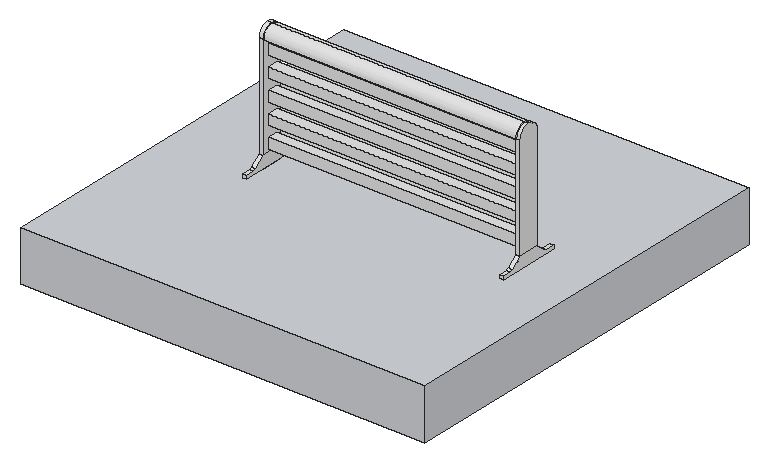
Revit family "Sunshade-Linear-Kawneer-Curtain_Wall-Rounded", category Specialty Equipment, host Face, Revit 2015
Parameters (values of type "30"-Circular")
  Width [instance] = 5' - 0"
  URL = "http://www.kawneer.com/kawneer/north_america/en/home.asp"
  Type Comments = ""
  Show Right Outrigger [instance] = yes
  Show Left Outrigger [instance] = yes
  Product data url = "https://bimobject.com/kawneerna/product/04305"
  Product Page URL = "http://www.kawneer.com/kawneer/north_america/en/product.asp?cat_id=1463&prod_id=4305"
  Product Documentation Link = "http://www.kawneer.com/kawneer/north_america/catalog/pdf/Sun_Control/Versoleil_OutriggerCW_Flyer.pdf"
  Model = "Sunshade Linear"  # constant formula
  Manufacturer = "Kawneer "  # constant formula
  Length = 2' - 6"
  Has Same Mullion Distance [instance] = yes
  Finish = Aluminum - Kawneer - Clear
  Description = "Rounded Outrigger, Bullnose Fascias"
  Default Elevation = 4' - 0"
  Copyright © = "©2012 Kawneer  "  # constant formula
  Mullion Distance [instance] = 4' - 0"
  CTRl Outrigger Count [instance] = if(Outrigger 21 Distance > 0' 0", 23, if(Outrigger 20 Distance > 0' 0", 22, if(Outrigger 19 Distance > 0' 0", 21, if(Outrigger 18 Distance > 0' 0", 20, if(Outrigger 17 Distance > 0' 0", 19, if(Outrigger 16 Distance > 0' 0", 18, if(Outrigger 15 Distance > 0' 0", 17, if(Outrigger 14 Distance > 0' 0", 16, if(Outrigger 13 Distance > 0' 0", 15, if(Outrigger 12 Distance > 0' 0", 14, if(Outrigger 11 Distance > 0' 0", 13, if(Outrigger 10 Distance > 0' 0", 12, if(Outrigger 09 Distance > 0' 0", 11, if(Outrigger 08 Distance > 0' 0", 10, if(Outrigger 07 Distance > 0' 0", 9, if(Outrigger 06 Distance > 0' 0", 8, if(Outrigger 05 Distance > 0' 0", 7, if(Outrigger 04 Distance > 0' 0", 6, if(Outrigger 03 Distance > 0' 0", 5, if(Outrigger 02 Distance > 0' 0", 4, if(Outrigger 01 Distance > 0' 0", 3, (Width / Mullion Distance) + 1)))))))))))))))))))))  # 3
  CTRL Outrigger 21 Distance [instance] = if(Outrigger Count < 23, 0' 0", if(Has Same Mullion Distance, Mullion Distance, if(Outrigger 21 Distance > 5' 0", 5' 0", Outrigger 21 Distance)))  # 0' - 0"
  CTRL Outrigger 20 Distance [instance] = if(Outrigger Count < 22, 0' 0", if(Has Same Mullion Distance, Mullion Distance, if(Outrigger 20 Distance > 5' 0", 5' 0", Outrigger 20 Distance)))  # 0' - 0"
  CTRL Outrigger 19 Distance [instance] = if(Outrigger Count < 21, 0' 0", if(Has Same Mullion Distance, Mullion Distance, if(Outrigger 19 Distance > 5' 0", 5' 0", Outrigger 19 Distance)))  # 0' - 0"
  CTRL Outrigger 18 Distance [instance] = if(Outrigger Count < 20, 0' 0", if(Has Same Mullion Distance, Mullion Distance, if(Outrigger 18 Distance > 5' 0", 5' 0", Outrigger 18 Distance)))  # 0' - 0"
  CTRL Outrigger 17 Distance [instance] = if(Outrigger Count < 19, 0' 0", if(Has Same Mullion Distance, Mullion Distance, if(Outrigger 17 Distance > 5' 0", 5' 0", Outrigger 17 Distance)))  # 0' - 0"
  CTRL Outrigger 16 Distance [instance] = if(Outrigger Count < 18, 0' 0", if(Has Same Mullion Distance, Mullion Distance, if(Outrigger 16 Distance > 5' 0", 5' 0", Outrigger 16 Distance)))  # 0' - 0"
  CTRL Outrigger 15 Distance [instance] = if(Outrigger Count < 17, 0' 0", if(Has Same Mullion Distance, Mullion Distance, if(Outrigger 15 Distance > 5' 0", 5' 0", Outrigger 15 Distance)))  # 0' - 0"
  CTRL Outrigger 14 Distance [instance] = if(Outrigger Count < 16, 0' 0", if(Has Same Mullion Distance, Mullion Distance, if(Outrigger 14 Distance > 5' 0", 5' 0", Outrigger 14 Distance)))  # 0' - 0"
  CTRL Outrigger 13 Distance [instance] = if(Outrigger Count < 15, 0' 0", if(Has Same Mullion Distance, Mullion Distance, if(Outrigger 13 Distance > 5' 0", 5' 0", Outrigger 13 Distance)))  # 0' - 0"
  CTRL Outrigger 12 Distance [instance] = if(Outrigger Count < 14, 0' 0", if(Has Same Mullion Distance, Mullion Distance, if(Outrigger 12 Distance > 5' 0", 5' 0", Outrigger 12 Distance)))  # 0' - 0"
  CTRL Outrigger 11 Distance [instance] = if(Outrigger Count < 13, 0' 0", if(Has Same Mullion Distance, Mullion Distance, if(Outrigger 11 Distance > 5' 0", 5' 0", Outrigger 11 Distance)))  # 0' - 0"
  CTRL Outrigger 10 Distance [instance] = if(Outrigger Count < 12, 0' 0", if(Has Same Mullion Distance, Mullion Distance, if(Outrigger 10 Distance > 5' 0", 5' 0", Outrigger 10 Distance)))  # 0' - 0"
  CTRL Outrigger 09 Distance [instance] = if(Outrigger Count < 11, 0' 0", if(Has Same Mullion Distance, Mullion Distance, if(Outrigger 09 Distance > 5' 0", 5' 0", Outrigger 09 Distance)))  # 0' - 0"
  CTRL Outrigger 08 Distance [instance] = if(Outrigger Count < 10, 0' 0", if(Has Same Mullion Distance, Mullion Distance, if(Outrigger 08 Distance > 5' 0", 5' 0", Outrigger 08 Distance)))  # 0' - 0"
  CTRL Outrigger 07 Distance [instance] = if(Outrigger Count < 9, 0' 0", if(Has Same Mullion Distance, Mullion Distance, if(Outrigger 07 Distance > 5' 0", 5' 0", Outrigger 07 Distance)))  # 0' - 0"
  CTRL Outrigger 06 Distance [instance] = if(Outrigger Count < 8, 0' 0", if(Has Same Mullion Distance, Mullion Distance, if(Outrigger 06 Distance > 5' 0", 5' 0", Outrigger 06 Distance)))  # 0' - 0"
  CTRL Outrigger 05 Distance [instance] = if(Outrigger Count < 7, 0' 0", if(Has Same Mullion Distance, Mullion Distance, if(Outrigger 05 Distance > 5' 0", 5' 0", Outrigger 05 Distance)))  # 0' - 0"
  CTRL Outrigger 04 Distance [instance] = if(Outrigger Count < 6, 0' 0", if(Has Same Mullion Distance, Mullion Distance, if(Outrigger 04 Distance > 5' 0", 5' 0", Outrigger 04 Distance)))  # 0' - 0"
  CTRL Outrigger 03 Distance [instance] = if(Outrigger Count < 5, 0' 0", if(Has Same Mullion Distance, Mullion Distance, if(Outrigger 03 Distance > 5' 0", 5' 0", Outrigger 03 Distance)))  # 0' - 0"
  CTRL Outrigger 02 Distance [instance] = if(Outrigger Count < 4, 0' 0", if(Has Same Mullion Distance, Mullion Distance, if(Outrigger 02 Distance > 5' 0", 5' 0", Outrigger 02 Distance)))  # 0' - 0"
  CTRL Outrigger 01 Distance [instance] = if(Outrigger Count < 3, 0' 0", if(Has Same Mullion Distance, Mullion Distance, if(Outrigger 01 Distance > 5' 0", 5' 0", Outrigger 01 Distance)))  # 0' - 0"
  CTRL Length = if(Length < 2' 6", 2' 6", if(Length = 2' 6", 2' 6", if(Length < 3' 0", 3' 0", if(Length = 3' 0", 3' 0", 2' 6"))))  # 2' - 6"
  Blades Distance = 0' - 5"
  CTRL Middle Blade Visibility [instance] = if(Outrigger Count = 2, 1 = 0, 1 = 1)  # no
  Outrigger Count [instance] = if(Has Same Mullion Distance, (Width / Mullion Distance) + 1, CTRl Outrigger Count)  # 2
  Outrigger 21 Distance [instance] = 0' - 0"
  Outrigger 20 Distance [instance] = 0' - 0"
  Outrigger 19 Distance [instance] = 0' - 0"
  Outrigger 18 Distance [instance] = 0' - 0"
  Outrigger 17 Distance [instance] = 0' - 0"
  Outrigger 16 Distance [instance] = 0' - 0"
  Outrigger 15 Distance [instance] = 0' - 0"
  Outrigger 14 Distance [instance] = 0' - 0"
  Outrigger 13 Distance [instance] = 0' - 0"
  Outrigger 12 Distance [instance] = 0' - 0"
  Outrigger 11 Distance [instance] = 0' - 0"
  Outrigger 10 Distance [instance] = 0' - 0"
  Outrigger 09 Distance [instance] = 0' - 0"
  Outrigger 08 Distance [instance] = 0' - 0"
  Outrigger 07 Distance [instance] = 0' - 0"
  Outrigger 06 Distance [instance] = 0' - 0"
  Outrigger 05 Distance [instance] = 0' - 0"
  Outrigger 04 Distance [instance] = 0' - 0"
  Outrigger 03 Distance [instance] = 0' - 0"
  Outrigger 02 Distance [instance] = 0' - 0"
  Outrigger 01 Distance [instance] = 1' - 6"
  Blade Width [instance] = if(1 = 1, Width, 1' 0")  # 5' - 0"
  Blade Type = Blade-Kawneer-Square : Versoleil
  Blade Count = 5
Reference planes (in)
  plane 1 "Center (Front/Back)": y = 0
  plane 2: z = -0.78125
  plane 3 "Center (Left/Right)": x = 3.30772
  plane 4 "Bracket Bottom": z = -0.78125
  plane 5 "Arm_Center-(T/B)": z = 1.29456
  plane 6 "Left": x = -26.69228
  plane 7 "Right": x = 33.30772
  plane 8 "Bracket_Center-(L/R)-Left": x = -27.16103
  plane 9 "Bracket_Center-(L/R)-Right": x = 33.77647
  plane 10 "Bracket Set 1": x = -27.16103
  plane 11 "Bracket Set 20": x = -27.16103
  plane 12 "Bracket Set 2": x = -27.16103
  plane 13 "Bracket Set 3": x = -27.16103
  plane 14 "Bracket Set 4": x = -27.16103
  plane 15 "Bracket Set 5": x = -27.16103
  plane 16 "Bracket Set 6": x = -27.16103
  plane 17 "Bracket Set 7": x = -27.16103
  plane 18 "Bracket Set 8": x = -27.16103
  plane 19 "Bracket Set 9": x = -27.16103
  plane 20 "Bracket Set 10": x = -27.16103
  plane 21 "Bracket Set 11": x = -27.16103
  plane 22 "Bracket Set 12": x = -27.16103
  plane 23 "Bracket Set 13": x = -27.16103
  plane 24 "Bracket Set 14": x = -27.16103
  plane 25 "Bracket Set 15": x = -27.16103
  plane 26 "Bracket Set 16": x = -27.16103
  plane 27 "Bracket Set 17": x = -27.16103
  plane 28 "Bracket Set 18": x = -27.16103
  plane 29 "Bracket Set 19": x = -27.16103
  plane 30 "Bracket Set 21": x = -27.16103
  plane 31 "Left of Right Outrigger": x = 33.30772
  plane 32 "Right of Right Outrigger": x = 34.24522
  plane 33 "Left of Left Outrigger": x = -27.62978
  plane 34 "Right of Left Outrigger": x = -26.69228
  plane 35 "Blade 1": z = 4.21875
  plane 36 "Blade 2": z = 9.21875
  plane 37 "Top": z = 29.21875
  plane 38 "Back of Fascia": z = 26.72172
Forms (in)
  Extrusion 1, solid
    sketch origin (0, 0, -0.78125) x (1, 0, 0) y (0, 1, 0)
      loop
        line (-48, 48) -> (-48, -48) -> (48, -48) -> (48, 48) -> (-48, 48)
    from 0 to -12
Dimensions and locks (in)
  locked: plane 5 "Arm_Center-(T/B)" to plane 4 "Bracket Bottom" at 2.07581
  locked: plane 4 "Bracket Bottom" to plane 2 at 0
  "CTRL Outrigger 01 Distance": plane 8 "Bracket_Center-(L/R)-Left" to plane 10 "Bracket Set 1"
  "CTRL Outrigger 02 Distance": plane 10 "Bracket Set 1" to plane 12 "Bracket Set 2"
  "CTRL Outrigger 03 Distance": plane 12 "Bracket Set 2" to plane 13 "Bracket Set 3"
  "CTRL Outrigger 04 Distance": plane 13 "Bracket Set 3" to plane 14 "Bracket Set 4"
  "CTRL Outrigger 05 Distance": plane 14 "Bracket Set 4" to plane 15 "Bracket Set 5"
  "CTRL Outrigger 06 Distance": plane 15 "Bracket Set 5" to plane 16 "Bracket Set 6"
  "CTRL Outrigger 07 Distance": plane 16 "Bracket Set 6" to plane 17 "Bracket Set 7"
  "CTRL Outrigger 08 Distance": plane 17 "Bracket Set 7" to plane 18 "Bracket Set 8"
  "CTRL Outrigger 09 Distance": plane 18 "Bracket Set 8" to plane 19 "Bracket Set 9"
  "CTRL Outrigger 10 Distance": plane 19 "Bracket Set 9" to plane 20 "Bracket Set 10"
  "CTRL Outrigger 11 Distance": plane 20 "Bracket Set 10" to plane 21 "Bracket Set 11"
  "CTRL Outrigger 12 Distance": plane 21 "Bracket Set 11" to plane 22 "Bracket Set 12"
  "CTRL Outrigger 13 Distance": plane 22 "Bracket Set 12" to plane 23 "Bracket Set 13"
  "CTRL Outrigger 14 Distance": plane 23 "Bracket Set 13" to plane 24 "Bracket Set 14"
  "CTRL Outrigger 15 Distance": plane 24 "Bracket Set 14" to plane 25 "Bracket Set 15"
  "CTRL Outrigger 16 Distance": plane 25 "Bracket Set 15" to plane 26 "Bracket Set 16"
  "CTRL Outrigger 17 Distance": plane 26 "Bracket Set 16" to plane 27 "Bracket Set 17"
  "CTRL Outrigger 18 Distance": plane 27 "Bracket Set 17" to plane 28 "Bracket Set 18"
  "CTRL Outrigger 19 Distance": plane 28 "Bracket Set 18" to plane 29 "Bracket Set 19"
  "CTRL Outrigger 20 Distance": plane 29 "Bracket Set 19" to plane 11 "Bracket Set 20"
  "CTRL Outrigger 21 Distance": plane 11 "Bracket Set 20" to plane 30 "Bracket Set 21"
  locked: plane 32 "Right of Right Outrigger" to plane 31 "Left of Right Outrigger" at 0.9375
  locked: plane 33 "Left of Left Outrigger" to plane 34 "Right of Left Outrigger" at 0.9375
  equal spacing: plane 6 "Left", plane 3 "Center (Left/Right)", plane 7 "Right"
  "Width": plane 6 "Left" to plane 7 "Right"
  locked: plane 7 "Right" to plane 9 "Bracket_Center-(L/R)-Right" at 0.46875
  locked: plane 8 "Bracket_Center-(L/R)-Left" to plane 6 "Left" at 0.46875
  "Blades Distance": plane 35 "Blade 1" to plane 4 "Bracket Bottom"
  "Blades Distance": plane 36 "Blade 2" to plane 35 "Blade 1"
  equal spacing: group 1, group 2, group 3, group 4, group 5  (x3)
  "Length": plane 37 "Top" to plane 4 "Bracket Bottom"
  locked: plane 37 "Top" to plane 38 "Back of Fascia" at 2.49703
  aligned and locked: plane 2 to Extrusion 1
  aligned and locked: level to Extrusion 1
  aligned and locked: plane 4 "Bracket Bottom" to nested 1
  aligned and locked: plane 1 "Center (Front/Back)" to nested 1
  aligned and locked: nested 1 to plane 8 "Bracket_Center-(L/R)-Left"
  aligned and locked: plane 9 "Bracket_Center-(L/R)-Right" to nested 2
  aligned and locked: plane 1 "Center (Front/Back)" to nested 2
  aligned and locked: plane 4 "Bracket Bottom" to nested 2
  aligned and locked: nested 3 to plane 10 "Bracket Set 1"
  aligned and locked: nested 4 to plane 12 "Bracket Set 2"
  aligned and locked: nested 5 to plane 13 "Bracket Set 3"
  aligned and locked: nested 6 to plane 14 "Bracket Set 4"
  aligned and locked: nested 7 to plane 15 "Bracket Set 5"
  aligned and locked: nested 8 to plane 16 "Bracket Set 6"
  aligned and locked: nested 9 to plane 17 "Bracket Set 7"
  aligned and locked: nested 10 to plane 18 "Bracket Set 8"
  aligned and locked: nested 11 to plane 19 "Bracket Set 9"
  aligned and locked: nested 12 to plane 20 "Bracket Set 10"
  aligned and locked: nested 13 to plane 21 "Bracket Set 11"
  aligned and locked: nested 14 to plane 22 "Bracket Set 12"
  aligned and locked: nested 15 to plane 23 "Bracket Set 13"
  aligned and locked: nested 16 to plane 24 "Bracket Set 14"
  aligned and locked: nested 17 to plane 25 "Bracket Set 15"
  aligned and locked: nested 18 to plane 26 "Bracket Set 16"
  aligned and locked: nested 19 to plane 27 "Bracket Set 17"
  aligned and locked: nested 20 to plane 28 "Bracket Set 18"
  aligned and locked: nested 21 to plane 29 "Bracket Set 19"
  aligned and locked: nested 22 to plane 11 "Bracket Set 20"
  aligned and locked: plane 4 "Bracket Bottom" to nested 3
  aligned and locked: plane 4 "Bracket Bottom" to nested 4
  aligned and locked: plane 4 "Bracket Bottom" to nested 5
  aligned and locked: plane 4 "Bracket Bottom" to nested 6
  aligned and locked: plane 4 "Bracket Bottom" to nested 7
  aligned and locked: plane 4 "Bracket Bottom" to nested 8
  aligned and locked: plane 4 "Bracket Bottom" to nested 9
  aligned and locked: plane 4 "Bracket Bottom" to nested 10
  aligned and locked: plane 4 "Bracket Bottom" to nested 11
  aligned and locked: plane 4 "Bracket Bottom" to nested 12
  aligned and locked: plane 4 "Bracket Bottom" to nested 13
  aligned and locked: plane 4 "Bracket Bottom" to nested 14
  aligned and locked: plane 4 "Bracket Bottom" to nested 15
  aligned and locked: plane 4 "Bracket Bottom" to nested 16
  aligned and locked: plane 4 "Bracket Bottom" to nested 17
  aligned and locked: plane 4 "Bracket Bottom" to nested 18
  aligned and locked: plane 4 "Bracket Bottom" to nested 19
  aligned and locked: plane 4 "Bracket Bottom" to nested 20
  aligned and locked: plane 4 "Bracket Bottom" to nested 21
  aligned and locked: plane 4 "Bracket Bottom" to nested 22
  aligned and locked: nested 23 to plane 30 "Bracket Set 21"
  aligned and locked: plane 1 "Center (Front/Back)" to nested 23
  aligned and locked: plane 1 "Center (Front/Back)" to nested 22
  aligned and locked: plane 1 "Center (Front/Back)" to nested 21
  aligned and locked: plane 1 "Center (Front/Back)" to nested 20
  aligned and locked: plane 1 "Center (Front/Back)" to nested 19
  aligned and locked: plane 1 "Center (Front/Back)" to nested 18
  aligned and locked: plane 1 "Center (Front/Back)" to nested 17
  aligned and locked: plane 1 "Center (Front/Back)" to nested 16
  aligned and locked: plane 1 "Center (Front/Back)" to nested 15
  aligned and locked: plane 1 "Center (Front/Back)" to nested 14
  aligned and locked: plane 7 "Right" to plane 31 "Left of Right Outrigger"
  aligned and locked: plane 34 "Right of Left Outrigger" to nested 1
  aligned and locked: plane 6 "Left" to plane 34 "Right of Left Outrigger"
  aligned and locked: plane 35 "Blade 1" to nested 24
  aligned and locked: plane 1 "Center (Front/Back)" to nested 24
  aligned and locked: plane 1 "Center (Front/Back)" to nested 13
  aligned and locked: plane 6 "Left" to nested 25
  aligned and locked: plane 1 "Center (Front/Back)" to nested 25
  aligned and locked: plane 36 "Blade 2" to nested 26
  aligned and locked: plane 37 "Top" to nested 2
  aligned and locked: plane 38 "Back of Fascia" to nested 25
  aligned and locked: plane 6 "Left" to nested 26
  aligned and locked: plane 34 "Right of Left Outrigger" to nested 24
  aligned and locked: nested 25 to plane 31 "Left of Right Outrigger"
Automatic sketch dimensions
  Extrusion 1 sketch curve to Extrusion 1 sketch curve = 8' - 0"  (x2)
Nested families (in)
  nested 1: "Outrigger-Kawneer-Rounded" at (-27.16103, 0, -0.78125), visible <- "Show Left Outrigger", type "5""
  nested 2: "Outrigger-Kawneer-Rounded" at (33.77647, 0, -0.78125), visible <- "Show Right Outrigger", type "5""
  nested 3: "Outrigger-Kawneer-Rounded" at (-27.16103, 0, -0.78125), visible <- "CTRL Middle Blade Visibility", type "5""
  nested 4: "Outrigger-Kawneer-Rounded" at (-27.16103, 0, -0.78125), visible <- "CTRL Middle Blade Visibility", type "5""
  nested 5: "Outrigger-Kawneer-Rounded" at (-27.16103, 0, -0.78125), visible <- "CTRL Middle Blade Visibility", type "5""
  nested 6: "Outrigger-Kawneer-Rounded" at (-27.16103, 0, -0.78125), visible <- "CTRL Middle Blade Visibility", type "5""
  nested 7: "Outrigger-Kawneer-Rounded" at (-27.16103, 0, -0.78125), visible <- "CTRL Middle Blade Visibility", type "5""
  nested 8: "Outrigger-Kawneer-Rounded" at (-27.16103, 0, -0.78125), visible <- "CTRL Middle Blade Visibility", type "5""
  nested 9: "Outrigger-Kawneer-Rounded" at (-27.16103, 0, -0.78125), visible <- "CTRL Middle Blade Visibility", type "5""
  nested 10: "Outrigger-Kawneer-Rounded" at (-27.16103, 0, -0.78125), visible <- "CTRL Middle Blade Visibility", type "5""
  nested 11: "Outrigger-Kawneer-Rounded" at (-27.16103, 0, -0.78125), visible <- "CTRL Middle Blade Visibility", type "5""
  nested 12: "Outrigger-Kawneer-Rounded" at (-27.16103, 0, -0.78125), visible <- "CTRL Middle Blade Visibility", type "5""
  nested 13: "Outrigger-Kawneer-Rounded" at (-27.16103, 0, -0.78125), visible <- "CTRL Middle Blade Visibility", type "5""
  nested 14: "Outrigger-Kawneer-Rounded" at (-27.16103, 0, -0.78125), visible <- "CTRL Middle Blade Visibility", type "5""
  nested 15: "Outrigger-Kawneer-Rounded" at (-27.16103, 0, -0.78125), visible <- "CTRL Middle Blade Visibility", type "5""
  nested 16: "Outrigger-Kawneer-Rounded" at (-27.16103, 0, -0.78125), visible <- "CTRL Middle Blade Visibility", type "5""
  nested 17: "Outrigger-Kawneer-Rounded" at (-27.16103, 0, -0.78125), visible <- "CTRL Middle Blade Visibility", type "5""
  nested 18: "Outrigger-Kawneer-Rounded" at (-27.16103, 0, -0.78125), visible <- "CTRL Middle Blade Visibility", type "5""
  nested 19: "Outrigger-Kawneer-Rounded" at (-27.16103, 0, -0.78125), visible <- "CTRL Middle Blade Visibility", type "5""
  nested 20: "Outrigger-Kawneer-Rounded" at (-27.16103, 0, -0.78125), visible <- "CTRL Middle Blade Visibility", type "5""
  nested 21: "Outrigger-Kawneer-Rounded" at (-27.16103, 0, -0.78125), visible <- "CTRL Middle Blade Visibility", type "5""
  nested 22: "Outrigger-Kawneer-Rounded" at (-27.16103, 0, -0.78125), visible <- "CTRL Middle Blade Visibility", type "5""
  nested 23: "Outrigger-Kawneer-Rounded" at (-27.16103, 0, -0.78125), visible <- "CTRL Middle Blade Visibility", type "5""
  nested 24: "Blade-Kawneer-Square" at (3.30772, 0, 2.96875), type <- "Blade Type", CTRL Width <- "Width", Blade Materials <- "Finish", type "Versoleil"
    with CTRL Width 5' - 0", Blade Materials Aluminum - Kawneer - Clear
  nested 25: "Fascia-Kawneer-Bullnose" at (3.30772, 0, 26.72172), Fascias Materials <- "Finish", CTRL Width <- "Width", type "Versoleil"
    with Fascias Materials Aluminum - Kawneer - Clear, CTRL Width 5' - 0"
  nested 26: "Blade-Kawneer-Square" at (3.30772, 0, 7.96875), type <- "Blade Type", CTRL Width <- "Width", Blade Materials <- "Finish", type "Versoleil"
    with CTRL Width 5' - 0", Blade Materials Aluminum - Kawneer - Clear
  nested 27: "Blade-Kawneer-Square" at (3.30772, 0, 12.96875), type <- "Blade Type", CTRL Width <- "Width", Blade Materials <- "Finish", type "Versoleil"
    with CTRL Width 5' - 0", Blade Materials Aluminum - Kawneer - Clear
  nested 28: "Blade-Kawneer-Square" at (3.30772, 0, 17.96875), type <- "Blade Type", CTRL Width <- "Width", Blade Materials <- "Finish", type "Versoleil"
    with CTRL Width 5' - 0", Blade Materials Aluminum - Kawneer - Clear
  nested 29: "Blade-Kawneer-Square" at (3.30772, 0, 22.96875), type <- "Blade Type", CTRL Width <- "Width", Blade Materials <- "Finish", type "Versoleil"
    with CTRL Width 5' - 0", Blade Materials Aluminum - Kawneer - Clear
Definition of nested family "Outrigger-Kawneer-Rounded"
  Parameters
    Length = 2' - 6"
    CTRL Width = 0' - 0 15/16"
    Outrigger Materials = none
  Reference planes (in)
    plane 1 "Center (Front/Back)": y = 0
    plane 2 "Original Bottom": z = 0
    plane 3 "Center (Left/Right)": x = 0
    plane 4 "Left": x = -0.46875
    plane 5 "Right": x = 0.46875
    plane 6 "Front": y = -2.5
    plane 7 "Back": y = 2.5
    plane 8 "Top": z = 30
    plane 9 "Bottom": z = 0
    plane 10 "Top of Braket": z = 2.9
    plane 11 "Right of Braket": y = 7.53105
    plane 12 "Left of Bracket": y = -7.53105
    plane 13 "Right of Left Bracket": x = -0.21875
    plane 14 "Left of Right Bracket": x = 0.21875
  Forms (in)
    Sweep 1, solid, material <- "Outrigger Materials"
      path origin (10, 0, -1.86973) x (1, 0, 0) y (0, 0, 1)
        loop
          line (-9.53125, 8.91333) -> (-10.46875, 8.91333)
      profile origin (0, 0, 7.0436) x (0, 0, -1) y (0, -1, 0)
        loop
          line (7.0436, 2.5) -> (-20.44495, 2.5)
          arc (-20.44495, 2.5) -> (-22.22011, 1.77184) -> (-22.9564, 0.00003) r 2.5
          arc (-22.9564, 0.00003) -> (-22.22417, -1.76774) -> (-20.4564, -2.49997) r 2.5
          line (-20.4564, -2.49997) -> (7.0436, -2.5) -> (7.0436, 2.5)
    Sweep 2, solid, material <- "Outrigger Materials", detail levels fine
      path origin (0, 0, -1.03601) x (1, 0, 0) y (0, 0, 1)
        loop
          line (0.46875, 30.5) -> (-0.46875, 30.5)
      profile origin (0, 0, 29.46399) x (0, 0, -1) y (0, -1, 0)
        loop
          line (26.56399, 2.43915) -> (26.56399, -2.50126) -> (28.48003, -4.78471)
          arc (28.48003, -4.78471) -> (28.65368, -5.08548) -> (28.71399, -5.4275) r 1
          line (28.71399, -5.4275) -> (28.71399, -7.53105) -> (29.46399, -7.53105) -> (29.46399, 7.46895) -> (28.71399, 7.46895) -> (28.71399, 5.3654)
          arc (28.71399, 5.3654) -> (28.65368, 5.02338) -> (28.48003, 4.72261) r 1
          line (28.48003, 4.72261) -> (26.56399, 2.43915)
  Lines and regions (in)
    Masking region 1
      outline origin (0, 0, 0) x (0, 1, 0) y (0, 0, 1)
        loop
          line (-2.5, 27.48833) -> (-2.5, 0) -> (2.49997, 0) -> (2.49997, 27.5)
          arc (2.49997, 27.5) -> (1.76774, 29.26777) -> (-0.00003, 30) r 2.5
          arc (-0.00003, 30) -> (-1.77191, 29.26364) -> (-2.5, 27.48833) r 2.5
    Masking region 2
      outline origin (0, 0, 0) x (1, 0, 0) y (0, 0, 1)
        loop
          line (0.46875, 30) -> (-0.46875, 30) -> (-0.46875, 0) -> (0.46875, 0) -> (0.46875, 30)
    Masking region 3
      outline origin (0, 0, 0) x (1, 0, 0) y (0, 0, 1)
        loop
          line (0.46875, 30) -> (-0.46875, 30) -> (-0.46875, 0) -> (0.46875, 0) -> (0.46875, 30)
    symbolic lines
      curve 1: line (0, 2.49997, 0) -> (0, 2.49997, 27.5)
      curve 2: arc (0, 2.49997, 27.5) -> (0, 1.76774, 29.26777) -> (0, -0.00003, 30) r 2.5
      curve 3: arc (0, -0.00003, 30) -> (0, -1.76779, 29.26777) -> (0, -2.50003, 27.5) r 2.5
      curve 4: line (0, -2.5, 27.49292) -> (0, -2.5, 27.42301)
      curve 5: line (0, -2.50003, 0) -> (0, 2.49997, 0)
      curve 10: line (0.46875, -7.46895, 0) -> (0.46875, 7.53105, 0)
      curve 20: line (0.46875, -7.46895, 0) -> (0.46875, 7.53105, 0)
      curve 32: line (-0.46875, -7.46895, 0) -> (-0.46875, 7.53105, 0)
      curve 36: line (-0.46875, 2.49997, 0) -> (-0.46875, 2.49997, 27.5)
      curve 37: arc (-0.46875, 2.49997, 27.5) -> (-0.46875, 1.76774, 29.26777) -> (-0.46875, -0.00003, 30) r 2.5
      curve 38: arc (-0.46875, -0.00003, 30) -> (-0.46875, -1.77191, 29.26364) -> (-0.46875, -2.5, 27.48833) r 2.5
      curve 39: line (-0.46875, -2.5, 27.48833) -> (-0.46875, -2.5, 0)
      curve 40: line (-0.46875, -2.5, 0) -> (-0.46875, 2.49997, 0)
      curve 49: line (0, -2.50003, 27.5) -> (0, -2.50003, 0)
      curve 51: line (0.46875, 0, 30) -> (-0.46875, 0, 30)
      curve 52: line (0.46875, 0, 0) -> (0.46875, 0, 30)
      curve 53: line (-0.46875, 0, 0) -> (0.46875, 0, 0)
      curve 54: line (-0.46875, 0, 30) -> (-0.46875, 0, 0)
      curve 60: line (-0.46875, 0, 0) -> (0.46875, 0, 0)
    symbolic lines, detail levels medium+fine
      curve 6: line (0.46875, -2.43915, 2.9) -> (0.46875, -4.72261, 0.98396)
      curve 7: arc (0.46875, -4.72261, 0.98396) -> (0.46875, -5.02338, 0.81031) -> (0.46875, -5.3654, 0.75) r 1
      curve 8: line (0.46875, -5.3654, 0.75) -> (0.46875, -7.46895, 0.75)
      curve 9: line (0.46875, -7.46895, 0.75) -> (0.46875, -7.46895, 0)
      curve 11: line (0.46875, 7.53105, 0) -> (0.46875, 7.53105, 0.75)
      curve 12: line (0.46875, 7.53105, 0.75) -> (0.46875, 5.4275, 0.75)
      curve 13: arc (0.46875, 5.4275, 0.75) -> (0.46875, 5.08548, 0.81031) -> (0.46875, 4.78471, 0.98396) r 1
      curve 14: line (0.46875, 4.78471, 0.98396) -> (0.46875, 2.50126, 2.9)
      curve 16: line (0.46875, -2.43915, 2.9) -> (0.46875, -4.72261, 0.98396)
      curve 17: arc (0.46875, -4.72261, 0.98396) -> (0.46875, -5.02338, 0.81031) -> (0.46875, -5.3654, 0.75) r 1
      curve 18: line (0.46875, -5.3654, 0.75) -> (0.46875, -7.46895, 0.75)
      curve 19: line (0.46875, -7.46895, 0.75) -> (0.46875, -7.46895, 0)
      curve 21: line (0.46875, 7.53105, 0) -> (0.46875, 7.53105, 0.75)
      curve 22: line (0.46875, 7.53105, 0.75) -> (0.46875, 5.4275, 0.75)
      curve 23: arc (0.46875, 5.4275, 0.75) -> (0.46875, 5.08548, 0.81031) -> (0.46875, 4.78471, 0.98396) r 1
      curve 24: line (0.46875, 4.78471, 0.98396) -> (0.46875, 2.50126, 2.9)
      curve 26: line (-0.46875, 4.78471, 0.98396) -> (-0.46875, 2.50126, 2.9)
      curve 28: line (-0.46875, -2.43915, 2.9) -> (-0.46875, -4.72261, 0.98396)
      curve 29: arc (-0.46875, -4.72261, 0.98396) -> (-0.46875, -5.02338, 0.81031) -> (-0.46875, -5.3654, 0.75) r 1
      curve 30: line (-0.46875, -5.3654, 0.75) -> (-0.46875, -7.46895, 0.75)
      curve 31: line (-0.46875, -7.46895, 0.75) -> (-0.46875, -7.46895, 0)
      curve 33: line (-0.46875, 7.53105, 0) -> (-0.46875, 7.53105, 0.75)
      curve 34: line (-0.46875, 7.53105, 0.75) -> (-0.46875, 5.4275, 0.75)
      curve 35: arc (-0.46875, 5.4275, 0.75) -> (-0.46875, 5.08548, 0.81031) -> (-0.46875, 4.78471, 0.98396) r 1
    symbolic lines, detail levels fine
      curve 15: line (0.46875, 2.50126, 2.9) -> (0.46875, -2.43915, 2.9)
      curve 25: line (-0.46875, 2.50126, 2.9) -> (-0.46875, -2.43915, 2.9)
      curve 27: line (-0.46875, 2.50126, 2.9) -> (-0.46875, -2.43915, 2.9)
      curve 55: line (-0.21875, 2.5, 30) -> (-0.21875, 2.5, 0)
      curve 56: line (0.21875, 2.5, 30) -> (0.21875, 2.5, 0)
      curve 58: line (0.46875, 2.5, 2.9) -> (-0.46875, 2.5, 2.9)
      curve 59: line (0.46875, 2.5, 0) -> (0.46875, 2.5, 2.9)
      curve 61: line (-0.46875, 2.5, 2.9) -> (-0.46875, 2.5, 0)
    model lines, detail levels medium
      curve 41: line (0.46875, 7.53105, 0) -> (-0.46875, 7.53105, 0)
      curve 42: line (0.46875, -7.53105, 0) -> (0.46875, 7.53105, 0)
      curve 43: line (-0.46875, -7.53105, 0) -> (0.46875, -7.53105, 0)
      curve 44: line (-0.46875, 7.53105, 0) -> (-0.46875, -7.53105, 0)
    model lines, detail levels coarse
      curve 45: line (0, 2.5, 0) -> (0, 2.5, 27.42527)
      curve 46: line (0, -2.5, 0) -> (0, 2.5, 0)
      curve 47: line (0, -2.5, 27.5) -> (0, -2.5, 0)
      curve 48: arc (0, 0.02375, 29.92515) -> (0, -1.7455, 29.21502) -> (0, -2.4997, 27.4641) r 2.5
      curve 50: arc (0, 2.5, 27.42527) -> (0, 1.77614, 29.18462) -> (0, 0.02375, 29.92515) r 2.5
    symbolic lines, detail levels medium
      curve 57: line (0, 2.5, 30) -> (0, 2.5, 0)
  Dimensions and locks (in)
    "CTRL Width": plane 4 "Left" to plane 5 "Right"
    equal spacing: plane 4 "Left", plane 3 "Center (Left/Right)", plane 5 "Right"
    equal spacing: plane 6 "Front", plane 1 "Center (Front/Back)", plane 7 "Back"
    "Length": plane 8 "Top" to plane 9 "Bottom"
    locked: plane 10 "Top of Braket" to plane 9 "Bottom" at 2.9
    locked: plane 12 "Left of Bracket" to plane 11 "Right of Braket" at 15.0621
    locked: plane 4 "Left" to plane 13 "Right of Left Bracket" at 0.25
    locked: plane 14 "Left of Right Bracket" to plane 5 "Right" at 0.25
    locked: plane 12 "Left of Bracket" to plane 6 "Front" at 5.03105
    locked: plane 7 "Back" to plane 11 "Right of Braket" at 5.03105
    aligned and locked: plane 4 "Left" to Sweep 1 sketch curve
    aligned and locked: plane 5 "Right" to Sweep 1 sketch curve
    aligned: Sweep 1 to plane 2 "Original Bottom"  (x2)
    aligned: plane 8 "Top" to Sweep 1  (x2)
    aligned: plane 6 "Front" to Sweep 1  (x2)
    aligned: plane 7 "Back" to Sweep 1  (x2)
    aligned: plane 9 "Bottom" to plane 2 "Original Bottom"
    aligned: Sweep 1 to plane 9 "Bottom"  (x3)
    aligned: Sweep 1 to plane 7 "Back"  (x2)
    aligned: Sweep 1 to plane 6 "Front"  (x3)
    aligned and locked: plane 9 "Bottom" to plane 2 "Original Bottom"
    aligned and locked: plane 5 "Right" to Sweep 2 sketch curve
    aligned and locked: plane 4 "Left" to Sweep 2 sketch curve
    aligned and locked: Sweep 2 to plane 9 "Bottom"  (x4)
    aligned and locked: plane 11 "Right of Braket" to Sweep 2
    aligned and locked: plane 10 "Top of Braket" to Sweep 2  (x2)
    aligned and locked: Sweep 1 to plane 9 "Bottom"
    aligned and locked: Sweep 1 to plane 6 "Front"
    aligned and locked: Sweep 1 to plane 7 "Back"
    aligned and locked: plane 8 "Top" to Sweep 1 sketch curve
    aligned and locked: Sweep 1 to Masking region 1 sketch curve
    aligned and locked: Masking region 1 sketch curve to Sweep 1  (x2)
    aligned and locked: curve 1 to Masking region 1
    aligned and locked: curve 2 to Masking region 1
    aligned and locked: curve 3 to Masking region 1
    aligned and locked: curve 4 to Masking region 1
    aligned and locked: curve 5 to Masking region 1
    aligned and locked: curve 36 to curve 1
    aligned and locked: curve 4 to curve 39
    aligned and locked: curve 5 to curve 40
    aligned and locked: curve 41 to plane 11 "Right of Braket"
    aligned and locked: curve 43 to plane 12 "Left of Bracket"
    aligned and locked: plane 5 "Right" to curve 42
    aligned and locked: plane 4 "Left" to curve 44
    aligned and locked: curve 46 to plane 9 "Bottom"
    aligned and locked: curve 45 to plane 7 "Back"
    aligned and locked: curve 47 to plane 6 "Front"
    aligned and locked: plane 1 "Center (Front/Back)" to curve 48
    aligned and locked: plane 8 "Top" to Masking region 2 sketch curve
    aligned and locked: Masking region 2 sketch curve to plane 9 "Bottom"
    aligned and locked: plane 5 "Right" to Masking region 2 sketch curve
    aligned and locked: plane 4 "Left" to Masking region 2 sketch curve
    aligned and locked: plane 8 "Top" to curve 51
    aligned and locked: curve 53 to plane 9 "Bottom"
    aligned and locked: plane 4 "Left" to curve 54
    aligned and locked: Masking region 3 sketch curve to plane 9 "Bottom"
    aligned and locked: plane 8 "Top" to Masking region 3 sketch curve
    aligned and locked: plane 5 "Right" to Masking region 3 sketch curve
    aligned and locked: plane 4 "Left" to Masking region 3 sketch curve
    aligned and locked: plane 13 "Right of Left Bracket" to curve 55
    aligned and locked: curve 56 to plane 14 "Left of Right Bracket"
    aligned and locked: curve 57 to plane 3 "Center (Left/Right)"
  Automatic sketch dimensions
    level to Sweep 1 sketch curve = 0' - 7.0436"
    Sweep 2 sketch curve to plane 8 "Top" = 0' - 0.53601"
    plane 1 "Center (Front/Back)" to Sweep 2 sketch curve = 0' - 2.43915"
    Sweep 2 sketch curve to profile plane = 2' - 2.56399"
    Sweep 2 sketch curve to Sweep 2 sketch curve = 0' - 1.15"
    Sweep 2 sketch curve to Sweep 2 sketch curve = 0' - 0.76604"  (x2)
    Sweep 2 sketch curve to Sweep 2 sketch curve = 0' - 0.23396"  (x2)
    Sweep 2 sketch curve to Sweep 2 sketch curve = 0' - 2.28345"
    Sweep 2 sketch curve to Sweep 2 sketch curve = 0' - 2.10355"  (x2)
    Sweep 2 sketch curve to Sweep 2 sketch curve = 0' - 0 3/4"  (x2)
    Sweep 2 sketch curve to plane 1 "Center (Front/Back)" = 0' - 2.50126"
    Sweep 2 sketch curve to plane 1 "Center (Front/Back)" = 0' - 4.78471"
    Sweep 1 sketch curve to Sweep 1 sketch curve = 0' - 0"  (x2)
    plane 1 "Center (Front/Back)" to Sweep 1 sketch curve = 0' - 0.00003"
    Sweep 1 sketch curve to Sweep 1 sketch curve = 0' - 2 1/2"
    plane 1 "Center (Front/Back)" to Sweep 1 sketch curve = 0' - 2 1/2"
    Sweep 1 sketch curve to profile plane = 0' - 7.0436"
    Sweep 1 sketch curve to plane 1 "Center (Front/Back)" = 0' - 2 1/2"
    plane 6 "Front" to Masking region 1 sketch curve = 0' - 0"
    curve 13 to curve 14 = 0' - 0.64279"
    plane 7 "Back" to curve 15 = 0' - 0.00126"
    curve 7 to curve 7 = 0' - 0.23396"
    curve 33 to plane 11 "Right of Braket" = 0' - 0"
    curve 35 to curve 26 = 0' - 0.64279"
    curve 29 to curve 29 = 0' - 0.64279"
    plane 12 "Left of Bracket" to curve 31 = 0' - 0.0621"
    curve 26 to plane 7 "Back" = 0' - 0.00126"
    level to curve 32 = 0' - 0"
    curve 48 to curve 50 = 0' - 0"  (x2)
    plane 6 "Front" to curve 48 = 0' - 0.0003"
    curve 50 to plane 1 "Center (Front/Back)" = 0' - 0.02375"
    curve 4 to curve 3 = 0' - 0.07699"
    curve 4 to curve 49 = 0' - 0.00708"
    curve 49 to curve 47 = 0' - 0"
    curve 53 to plane 5 "Right" = 0' - 0"
    curve 58 to plane 5 "Right" = 0' - 0"
    plane 4 "Left" to curve 58 = 0' - 0"
    curve 59 to level = 0' - 0"
    curve 61 to level = 0' - 0"
    curve 61 to plane 10 "Top of Braket" = 0' - 0"
    curve 57 to plane 8 "Top" = 0' - 0"
    curve 57 to level = 0' - 0"
    curve 56 to level = 0' - 0"
    curve 56 to plane 8 "Top" = 0' - 0"
    curve 55 to level = 0' - 0"
    curve 55 to plane 8 "Top" = 0' - 0"
    curve 11 to plane 11 "Right of Braket" = 0' - 0"
    curve 15 to plane 10 "Top of Braket" = 0' - 0"
    curve 20 to level = 0' - 0"
    curve 22 to level = 0' - 0 3/4"
    curve 22 to plane 11 "Right of Braket" = 0' - 2.10355"
    curve 15 to plane 6 "Front" = 0' - 0.06085"
    curve 6 to level = 0' - 0.98396"
    plane 6 "Front" to curve 6 = 0' - 2.22261"
    curve 8 to plane 12 "Left of Bracket" = 0' - 0.0621"
    level to curve 34 = 0' - 0 3/4"
    curve 33 to curve 34 = 0' - 2.10355"
    plane 6 "Front" to curve 28 = 0' - 0.06085"
    level to curve 29 = 0' - 0.98396"
    curve 29 to plane 6 "Front" = 0' - 2.22261"
    curve 37 to curve 38 = 0' - 0"
    curve 38 to plane 8 "Top" = 0' - 0"
    plane 1 "Center (Front/Back)" to curve 37 = 0' - 0.00003"
    curve 30 to curve 28 = 0' - 0.23396"
    curve 34 to curve 26 = 0' - 0.23396"
    curve 7 to curve 17 = 0' - 0.64279"
    curve 13 to curve 23 = 0' - 0.23396"
    curve 25 to plane 10 "Top of Braket" = 0' - 0"
Definition of nested family "Blade-Kawneer-Square"
  Parameters
    CTRL Width [instance] = 12' - 0"
    Blade Materials [instance] = none
  Reference planes (in)
    plane 1 "Center (Front/Back)": y = 0
    plane 2 "Original Bottom": z = 0
    plane 3 "Center (Left/Right)": x = 0
    plane 4 "Left": x = -72
    plane 5 "Right": x = 72
    plane 6 "Front": y = -1.25
    plane 7 "Back": y = 1.25
    plane 8 "Top": z = 2.5
    plane 9 "Bottom": z = 1.25
  Forms (in)
    Sweep 1, solid, material <- "Blade Materials", detail levels medium+fine
      path origin (10, 0, -1.63267) x (1, 0, 0) y (0, 0, 1)
        loop
          line (62, 8.91333) -> (-82, 8.91333)
      profile origin (0, 0, 7.28066) x (0, 0, -1) y (0, -1, 0)
        loop
          line (4.78066, -1.25) -> (6.03066, -1.25) -> (7.28066, -1.25) -> (7.28066, 1.25) -> (6.03066, 1.25) -> (4.78066, 1.25) -> (4.78066, -1.25)
  Lines and regions (in)
    Masking region 1
      outline origin (0, 0, 0) x (0, 1, 0) y (0, 0, 1)
        loop
          line (1.25, 2.5) -> (-1.25, 2.5) -> (-1.25, 0) -> (1.25, 0) -> (1.25, 2.5)
    Masking region 2
      outline origin (0, 0, 0) x (1, 0, 0) y (0, 1, 0)
        loop
          line (72, 1.25) -> (-72, 1.25) -> (-72, -1.25) -> (72, -1.25) -> (72, 1.25)
    Masking region 3
      outline origin (0, 0, 0) x (1, 0, 0) y (0, 0, 1)
        loop
          line (72, 2.5) -> (-72, 2.5) -> (-72, 0) -> (72, 0) -> (72, 2.5)
    symbolic lines
      curve 1: line (0, 1.25, 2.5) -> (0, -1.25, 2.5)
      curve 2: line (0, -1.25, 2.5) -> (0, -1.25, 0)
      curve 3: line (0, -1.25, 0) -> (0, 1.25, 0)
      curve 4: line (0, 1.25, 0) -> (0, 1.25, 2.5)
      curve 5: line (-72, 1.25, 2.5) -> (-72, -1.25, 2.5)
      curve 6: line (-72, -1.25, 2.5) -> (-72, -1.25, 0)
      curve 7: line (-72, -1.25, 0) -> (-72, 1.25, 0)
      curve 8: line (-72, 1.25, 0) -> (-72, 1.25, 2.5)
      curve 11: line (72, 1.25, 2.5) -> (-72, 1.25, 2.5)
      curve 12: line (72, -1.25, 2.5) -> (72, 1.25, 2.5)
      curve 13: line (-72, -1.25, 2.5) -> (72, -1.25, 2.5)
      curve 14: line (-72, 1.25, 2.5) -> (-72, -1.25, 2.5)
      curve 15: line (72, -1.25, 2.5) -> (-72, -1.25, 2.5)
      curve 16: line (72, -1.25, 1.25) -> (72, -1.25, 2.5)
      curve 17: line (-72, -1.25, 1.25) -> (72, -1.25, 1.25)
      curve 18: line (-72, -1.25, 2.5) -> (-72, -1.25, 1.25)
    model lines, detail levels coarse
      curve 9: line (-72, 0, 1.25) -> (72, 0, 1.25)
    symbolic lines, detail levels coarse
      curve 10: line (-72, 0, 1.25) -> (72, 0, 1.25)
  Dimensions and locks (in)
    "CTRL Width": plane 4 "Left" to plane 5 "Right"
    equal spacing: plane 4 "Left", plane 3 "Center (Left/Right)", plane 5 "Right"
    equal spacing: plane 6 "Front", plane 1 "Center (Front/Back)", plane 7 "Back"
    equal spacing: plane 8 "Top", plane 9 "Bottom", plane 2 "Original Bottom"
    aligned and locked: plane 4 "Left" to Sweep 1 sketch curve
    aligned and locked: plane 5 "Right" to Sweep 1 sketch curve
    aligned and locked: Sweep 1 to plane 2 "Original Bottom"
    aligned and locked: plane 8 "Top" to Sweep 1
    aligned and locked: plane 6 "Front" to Sweep 1
    aligned and locked: plane 7 "Back" to Sweep 1
    aligned and locked: Masking region 1 sketch curve to Sweep 1  (x4)
    aligned and locked: curve 1 to Masking region 1
    aligned and locked: curve 2 to Masking region 1
    aligned and locked: curve 3 to Masking region 1
    aligned and locked: curve 4 to Masking region 1
    aligned and locked: curve 5 to curve 1
    aligned and locked: curve 6 to curve 2
    aligned and locked: curve 7 to curve 3
    aligned and locked: curve 8 to curve 4
    aligned and locked: plane 1 "Center (Front/Back)" to curve 9
    aligned and locked: plane 1 "Center (Front/Back)" to curve 10
    aligned and locked: plane 5 "Right" to Masking region 2 sketch curve
    aligned and locked: plane 4 "Left" to Masking region 2 sketch curve
    aligned and locked: Masking region 2 sketch curve to plane 7 "Back"
    aligned and locked: Masking region 2 sketch curve to plane 6 "Front"
    aligned and locked: plane 5 "Right" to curve 12
    aligned and locked: plane 4 "Left" to curve 14
    aligned and locked: curve 11 to plane 7 "Back"
    aligned and locked: plane 5 "Right" to Masking region 3 sketch curve
    aligned and locked: plane 4 "Left" to Masking region 3 sketch curve
    aligned and locked: Masking region 3 sketch curve to plane 8 "Top"
    aligned and locked: Masking region 3 sketch curve to plane 2 "Original Bottom"
    aligned and locked: plane 5 "Right" to curve 16
    aligned and locked: plane 4 "Left" to curve 18
    aligned and locked: curve 15 to plane 8 "Top"
    aligned and locked: curve 17 to curve 9
  Automatic sketch dimensions
    level to Sweep 1 sketch curve = 0' - 7.28066"
    Sweep 1 sketch curve to plane 1 "Center (Front/Back)" = 0' - 1 1/4"
    Sweep 1 sketch curve to profile plane = 0' - 4.78066"
    Sweep 1 sketch curve to Sweep 1 sketch curve = 0' - 1 1/4"  (x3)
    plane 1 "Center (Front/Back)" to Sweep 1 sketch curve = 0' - 1 1/4"
    curve 10 to plane 4 "Left" = 0' - 0"
    curve 10 to plane 5 "Right" = 0' - 0"
    curve 9 to plane 5 "Right" = 0' - 0"
    curve 9 to plane 4 "Left" = 0' - 0"
    curve 13 to plane 6 "Front" = 0' - 0"
Definition of nested family "Fascia-Kawneer-Bullnose"
  Parameters
    CTRL Width [instance] = 12' - 0"
    Fascias Materials [instance] = none
  Reference planes (in)
    plane 1 "Center (Front/Back)": y = 0
    plane 2 "Original Bottom": z = 0
    plane 3 "Center (Left/Right)": x = 0
    plane 4 "Left": x = -72
    plane 5 "Right": x = 72
    plane 6 "Front": y = -2.5
    plane 7 "Back": y = 2.5
    plane 8 "Top": z = 2.53125
    plane 9 "Bottom": z = 0
  Forms (in)
    Sweep 1, solid, material <- "Fascias Materials", detail levels medium+fine
      path origin (10, 0, -1.68854) x (1, 0, 0) y (0, 0, 1)
        loop
          line (62, 8.91333) -> (-82, 8.91333)
      profile origin (0, 0, 7.22479) x (0, 0, -1) y (0, -1, 0)
        loop
          arc (7.22479, 2.5308) -> (5.43686, 1.80978) -> (4.69354, 0.031) r 2.5
          arc (4.69354, 0.031) -> (5.43686, -1.74778) -> (7.22479, -2.46881) r 2.5
          line (7.22479, -2.46881) -> (7.22479, 2.5308)
  Lines and regions (in)
    Masking region 1
      outline origin (0, 0, 0) x (0, 1, 0) y (0, 0, 1)
        loop
          arc (-0.031, 2.53125) -> (-1.80978, 1.78793) -> (-2.5308, 0) r 2.5
          line (-2.5308, 0) -> (2.46881, 0)
          arc (2.46881, 0) -> (1.74778, 1.78793) -> (-0.031, 2.53125) r 2.5
    Masking region 2
      outline origin (0, 0, 2.53125) x (-1, 0, 0) y (0, -1, 0)
        loop
          line (-72, -2.5) -> (72, -2.5) -> (72, 2.5) -> (-72, 2.5) -> (-72, -2.5)
    Masking region 3
      outline origin (0, 0, 0) x (1, 0, 0) y (0, 0, 1)
        loop
          line (72, 2.53125) -> (-72, 2.53125) -> (-72, 0) -> (72, 0) -> (72, 2.53125)
    symbolic lines
      curve 1: arc (0, -0.031, 2.53125) -> (0, -1.80978, 1.78793) -> (0, -2.5308, 0) r 2.5
      curve 2: line (0, -2.5308, 0) -> (0, 2.46881, 0)
      curve 3: arc (0, 2.46881, 0) -> (0, 1.74778, 1.78793) -> (0, -0.031, 2.53125) r 2.5
      curve 4: arc (0, 2.46881, 0) -> (0, 1.74778, 1.78793) -> (0, -0.031, 2.53125) r 2.5
      curve 5: arc (0, -0.031, 2.53125) -> (0, -1.80978, 1.78793) -> (0, -2.5308, 0) r 2.5
      curve 6: line (0, -2.5308, 0) -> (0, 2.46881, 0)
      curve 9: line (72, 2.5, 2.53125) -> (-72, 2.5, 2.53125)
      curve 10: line (72, -2.5, 2.53125) -> (72, 2.5, 2.53125)
      curve 11: line (-72, -2.5, 2.53125) -> (72, -2.5, 2.53125)
      curve 12: line (-72, 2.5, 2.53125) -> (-72, -2.5, 2.53125)
      curve 13: line (72, -2.5, 2.53125) -> (-72, -2.5, 2.53125)
      curve 14: line (72, -2.5, 0) -> (72, -2.5, 2.53125)
      curve 15: line (-72, -2.5, 0) -> (72, -2.5, 0)
      curve 16: line (-72, -2.5, 2.53125) -> (-72, -2.5, 0)
    model lines, detail levels coarse
      curve 7: line (-72, 0, 2.53125) -> (72, 0, 2.53125)
      curve 17: line (72, 2.5, 0) -> (-72, 2.5, 0)
      curve 18: line (72, -2.5, 0) -> (72, 2.5, 0)
      curve 19: line (-72, -2.5, 0) -> (72, -2.5, 0)
      curve 20: line (-72, 2.5, 0) -> (-72, -2.5, 0)
      curve 21: arc (-72, -0.031, 2.53125) -> (-72, -1.80978, 1.78793) -> (-72, -2.5308, 0) r 2.5
      curve 22: arc (-72, 2.46881, 0) -> (-72, 1.74778, 1.78793) -> (-72, -0.031, 2.53125) r 2.5
      curve 23: line (-72, 2.46881, 0) -> (-72, -2.5308, 0)
      curve 24: arc (72, -0.031, 2.53125) -> (72, -1.80978, 1.78793) -> (72, -2.5308, 0) r 2.5
      curve 25: arc (72, 2.46881, 0) -> (72, 1.74778, 1.78793) -> (72, -0.031, 2.53125) r 2.5
      curve 26: line (72, -2.5308, 0) -> (72, 2.46881, 0)
    symbolic lines, detail levels medium+fine
      curve 8: line (-72, 0, 0) -> (72, 0, 0)
  Dimensions and locks (in)
    "CTRL Width": plane 4 "Left" to plane 5 "Right"
    equal spacing: plane 4 "Left", plane 3 "Center (Left/Right)", plane 5 "Right"
    equal spacing: plane 6 "Front", plane 1 "Center (Front/Back)", plane 7 "Back"
    locked: plane 8 "Top" to plane 9 "Bottom" at 2.53125
    aligned and locked: plane 4 "Left" to Sweep 1 sketch curve
    aligned and locked: plane 5 "Right" to Sweep 1 sketch curve
    aligned: Sweep 1 to plane 2 "Original Bottom"
    aligned: plane 8 "Top" to Sweep 1
    aligned: plane 6 "Front" to Sweep 1
    aligned: plane 7 "Back" to Sweep 1
    aligned and locked: Sweep 1 to plane 2 "Original Bottom"
    aligned and locked: plane 9 "Bottom" to plane 2 "Original Bottom"
    aligned and locked: Sweep 1 sketch curve to plane 9 "Bottom"
    aligned and locked: plane 8 "Top" to Sweep 1 sketch curve
    aligned and locked: Masking region 1 sketch curve to Sweep 1  (x3)
    aligned and locked: curve 1 to Masking region 1
    aligned and locked: curve 3 to Masking region 1
    aligned and locked: curve 4 to Masking region 1
    aligned and locked: curve 5 to Masking region 1
    aligned and locked: curve 6 to Masking region 1
    aligned and locked: plane 5 "Right" to Masking region 2 sketch curve
    aligned and locked: plane 4 "Left" to Masking region 2 sketch curve
    aligned and locked: Masking region 2 sketch curve to plane 7 "Back"
    aligned and locked: Masking region 2 sketch curve to plane 6 "Front"
    aligned and locked: plane 5 "Right" to curve 10
    aligned and locked: plane 4 "Left" to curve 12
    aligned and locked: curve 9 to plane 7 "Back"
    aligned and locked: curve 11 to plane 6 "Front"
    aligned and locked: plane 4 "Left" to Masking region 3 sketch curve
    aligned and locked: plane 5 "Right" to Masking region 3 sketch curve
    aligned and locked: plane 8 "Top" to Masking region 3 sketch curve
    aligned and locked: Masking region 3 sketch curve to plane 9 "Bottom"
    aligned and locked: plane 4 "Left" to curve 16
    aligned and locked: plane 5 "Right" to curve 14
    aligned and locked: plane 8 "Top" to curve 13
    aligned and locked: curve 15 to plane 9 "Bottom"
    aligned and locked: plane 4 "Left" to curve 20
    aligned and locked: plane 5 "Right" to curve 18
    aligned and locked: curve 19 to plane 6 "Front"
    aligned and locked: curve 17 to plane 7 "Back"
    aligned and locked: curve 21 to Sweep 1
    aligned and locked: curve 22 to Sweep 1
    aligned and locked: curve 23 to Sweep 1
    aligned and locked: curve 24 to Sweep 1
    aligned and locked: curve 25 to Sweep 1
    aligned and locked: curve 26 to Sweep 1
  Automatic sketch dimensions
    level to Sweep 1 sketch curve = 0' - 7.22479"
    plane 1 "Center (Front/Back)" to Sweep 1 sketch curve = 0' - 0.031"
    Sweep 1 sketch curve to Sweep 1 sketch curve = 0' - 2 1/2"
    Sweep 1 sketch curve to Sweep 1 sketch curve = 0' - 0"
    curve 8 to plane 1 "Center (Front/Back)" = 0' - 0"
    curve 8 to plane 4 "Left" = 0' - 0"
    curve 8 to plane 5 "Right" = 0' - 0"
    plane 1 "Center (Front/Back)" to curve 7 = 0' - 0"
